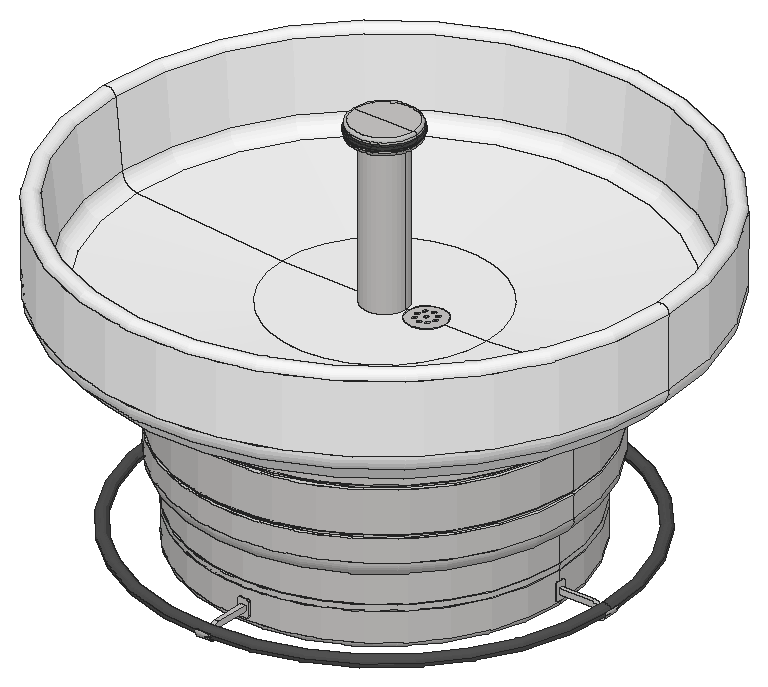
Revit family "Washfountain_Lavatory-Bradley_Corp-WF2608-Type_O_Drain", category Plumbing Fixtures, Revit 2012 (continued)
Lines and regions (in)
  symbolic lines, visible <- "Juvenile Height", detail levels fine
    curve 189: line (16.6643, 0, 7.24415) -> (-16.6643, 0, 7.24415)
    curve 190: line (16.6163, 0, 7.1805) -> (-16.6163, 0, 7.1805)
    curve 196: line (0, 16.66523, 7.74153) -> (0, -16.66523, 7.74153)
    curve 197: line (0, -16.61561, 7.8055) -> (0, 16.61699, 7.8055)
    curve 198: line (0, 16.66523, 7.24447) -> (0, -16.66523, 7.24447)
    curve 199: line (0, -16.61561, 7.1805) -> (0, 16.61699, 7.1805)
  symbolic lines, visible <- "Juvenile Height"
    curve 24: line (-16.6163, 0, 9.21405) -> (16.6163, 0, 9.21405)
    curve 52: line (0, 16.61699, 9.21405) -> (0, -16.61561, 9.21405)
  symbolic lines, visible <- "Standard Height", detail levels fine
    curve 25: line (-17.96214, 0, 14.62502) -> (17.96214, 0, 14.62502)
    curve 26: line (17.83714, 0, 14.50002) -> (-17.83714, 0, 14.50002)
    curve 27: line (-17.83714, 0, 14.37502) -> (17.83714, 0, 14.37502)
    curve 28: line (17.96214, 0, 14.25002) -> (-17.96214, 0, 14.25002)
    curve 30: line (-17.96214, 0, 10.43752) -> (17.96214, 0, 10.43752)
    curve 31: line (17.83714, 0, 10.31252) -> (-17.83714, 0, 10.31252)
    curve 32: line (-17.83714, 0, 10.18752) -> (17.83714, 0, 10.18752)
    curve 33: line (17.96214, 0, 10.06252) -> (-17.96214, 0, 10.06252)
    curve 36: line (-16.6163, 0, 3.8055) -> (16.6163, 0, 3.8055)
    curve 37: line (16.6643, 0, 3.74185) -> (-16.6643, 0, 3.74185)
    curve 39: line (-16.6163, 0, 3.1805) -> (16.6163, 0, 3.1805)
    curve 40: line (16.6643, 0, 3.24415) -> (-16.6643, 0, 3.24415)
    curve 53: line (0, 17.96307, 14.62502) -> (0, -17.96122, 14.62502)
    curve 54: line (0, -17.83622, 14.50002) -> (0, 17.83807, 14.50002)
    curve 55: line (0, 17.83807, 14.37502) -> (0, -17.83622, 14.37502)
    curve 56: line (0, -17.96122, 14.25002) -> (0, 17.96307, 14.25002)
    curve 57: line (0, 17.96307, 10.43752) -> (0, -17.96122, 10.43752)
    curve 58: line (0, -17.83622, 10.31252) -> (0, 17.83807, 10.31252)
    curve 59: line (0, 17.83807, 10.18752) -> (0, -17.83622, 10.18752)
    curve 60: line (0, -17.96122, 10.06252) -> (0, 17.96307, 10.06252)
    curve 62: line (0, 16.61723, 3.8055) -> (0, -16.61537, 3.8055)
    curve 63: line (0, 16.61723, 3.1805) -> (0, -16.61537, 3.1805)
    curve 64: line (0, -16.66337, 3.74185) -> (0, 16.66523, 3.74185)
    curve 66: line (0, -16.66337, 3.24415) -> (0, 16.66523, 3.24415)
  symbolic lines, visible <- "Standard Height", detail levels medium
    curve 29: line (-17.83714, 0, 14.43752) -> (17.83714, 0, 14.43752)
    curve 34: line (-17.83714, 0, 10.25002) -> (17.83714, 0, 10.25002)
    curve 38: line (-16.6643, 0, 3.493) -> (16.6643, 0, 3.493)
    curve 65: line (0, -16.66337, 3.493) -> (0, 16.66523, 3.493)
    curve 67: line (0, -17.83622, 10.25002) -> (0, 17.83807, 10.25002)
    curve 68: line (0, -17.83622, 14.43752) -> (0, 17.83807, 14.43752)
  symbolic lines, visible <- "Standard Height"
    curve 35: line (-16.6163, 0, 6.50796) -> (16.6163, 0, 6.50796)
    curve 61: line (0, 16.61723, 6.50796) -> (0, -16.61537, 6.50796)
  symbolic lines, detail levels coarse
    curve 41: line (0, 27, 20.75002) -> (0, -27, 20.75002)
  symbolic lines, visible <- "Soap Dispenser", detail levels medium+fine
    curve 69: line (-6.1566, 0, 43.125) -> (6.1566, 0, 43.125)
    curve 75: line (0, 6.1566, 43.125) -> (0, -6.1566, 43.125)
    curve 101: circle (0, 0, 44.125) r 4.17907 normal (0, 0, 1)
  symbolic lines, visible <- "Soap Dispenser", detail levels fine
    curve 70: line (-5.98301, 0, 42.48173) -> (5.98301, 0, 42.48173)
    curve 71: line (5.93039, 0, 41.23173) -> (-5.93039, 0, 41.23173)
    curve 72: line (-5.87777, 0, 39.98173) -> (5.87777, 0, 39.98173)
    curve 73: line (5.81, 0, 38.73173) -> (-5.81, 0, 38.73173)
    curve 74: line (-6.1566, 0, 43.75) -> (6.1566, 0, 43.75)
    curve 76: line (0, -5.98301, 42.48173) -> (0, 5.98301, 42.48173)
    curve 77: line (0, 5.93039, 41.23173) -> (0, -5.93039, 41.23173)
    curve 78: line (0, -5.87777, 39.98173) -> (0, 5.87777, 39.98173)
    curve 79: line (0, 5.81, 38.73173) -> (0, -5.81, 38.73173)
    curve 80: line (0, 6.1566, 43.75) -> (0, -6.1566, 43.75)
  symbolic lines, detail levels medium
    curve 81: line (-3.12875, 0, 35.18002) -> (-3.035, 0, 35.18002)
    curve 83: line (3.035, 0, 35.18002) -> (3.12875, 0, 35.18002)
    curve 84: line (3.12875, 0, 34.68002) -> (3.035, 0, 34.68002)
    curve 86: line (-3.035, 0, 34.68002) -> (-3.12875, 0, 34.68002)
    curve 88: line (0, 3.12875, 35.18002) -> (0, 3.035, 35.18002)
    curve 90: line (0, -3.035, 35.18002) -> (0, -3.12875, 35.18002)
    curve 91: line (0, -3.12875, 34.68002) -> (0, -3.035, 34.68002)
    curve 93: line (0, 3.035, 34.68002) -> (0, 3.12875, 34.68002)
  symbolic lines, detail levels medium+fine
    curve 82: line (-3.035, 0, 35.18002) -> (3.035, 0, 35.18002)
    curve 85: line (3.035, 0, 34.68002) -> (-3.035, 0, 34.68002)
    curve 89: line (0, 3.035, 35.18002) -> (0, -3.035, 35.18002)
    curve 92: line (0, -3.035, 34.68002) -> (0, 3.035, 34.68002)
    curve 103: circle (0, 0, 35.625) r 2 normal (0, 0, 1)
    curve 203: circle (4, 0, 29.25) r 1.25 normal (0, 0, 1)
    curve 204: circle (4, 0, 29.25) r 0.1842 normal (0, 0, 1)
    curve 205: circle (4, 0.87771, 29.25) r 0.1842 normal (0, 0, 1)
    curve 206: circle (4.62063, 0.62063, 29.25) r 0.1842 normal (0, 0, 1)
    curve 207: circle (4.87771, 0, 29.25) r 0.1842 normal (0, 0, 1)
    curve 208: circle (4.62063, -0.62063, 29.25) r 0.1842 normal (0, 0, 1)
    curve 209: circle (4, -0.87771, 29.25) r 0.1842 normal (0, 0, 1)
    curve 210: circle (3.37937, -0.62063, 29.25) r 0.1842 normal (0, 0, 1)
    curve 211: circle (3.12229, 0, 29.25) r 0.1842 normal (0, 0, 1)
    curve 212: circle (3.37937, 0.62063, 29.25) r 0.1842 normal (0, 0, 1)
    curve 214: circle (0, 0, 29.25) r 20.5 normal (0, 0, 1)
  symbolic lines
    curve 87: line (-2, 0, 34.23502) -> (2, 0, 34.23502)
    curve 94: line (0, 2, 34.23502) -> (0, -2, 34.23502)
    curve 202: circle (4, 0, 29.25) r 1.75 normal (0, 0, 1)
    curve 213: circle (0, 0, 29.25) r 25 normal (0, 0, 1)
  symbolic lines, visible <- "Sensor Module", detail levels fine
    curve 95: line (-4.49987, 0, 38.55959) -> (4.49987, 0, 38.55959)
    curve 98: line (0, 4.49987, 38.55959) -> (0, -4.49987, 38.55959)
  symbolic lines, visible <- "Sensor Module", detail levels medium
    curve 96: line (4.57537, 0, 37.11012) -> (-4.5755, 0, 37.11012)
    curve 99: line (0, -4.57537, 37.11012) -> (0, 4.57537, 37.11012)
  symbolic lines, visible <- "Sensor Module"
    curve 97: line (-2, 0, 36.28462) -> (2, 0, 36.28462)
    curve 100: line (0, 2, 36.285) -> (0, -2, 36.285)
  symbolic lines, visible <- "Sensor Module", detail levels medium+fine
    curve 102: circle (0, 0, 39.125) r 2.10282 normal (0, 0, 1)
  model lines, visible <- "Towel Dispenser", detail levels fine
    curve 107: spline (-9.02676, 1.1394, 53.87502) -> (-8.93305, 0.9771, 56.91615) -> (-8.65832, 0.50125, 59.75002) -> (-8.22128, -0.25572, 62.18353) -> (-7.65173, -1.24223, 64.05082) -> (-6.98846, -2.39103, 65.22465) -> (-6.2767, -3.62385, 65.62502) -> (-5.56493, -4.85667, 65.22465) -> (-4.90166, -6.00548, 64.05082) -> (-4.33211, -6.99198, 62.18353) -> (-3.89507, -7.74895, 59.75002) -> (-3.62034, -8.2248, 56.91615) -> (-3.52663, -8.3871, 53.87502)
    curve 108: spline (3.527, -8.3872, 53.87502) -> (3.6207, -8.22489, 56.91615) -> (3.89542, -7.74903, 59.75002) -> (4.33244, -6.99205, 62.18353) -> (4.90197, -6.00554, 64.05082) -> (5.56521, -4.85671, 65.22465) -> (6.27694, -3.62387, 65.62502) -> (6.98868, -2.39103, 65.22465) -> (7.65191, -1.24221, 64.05082) -> (8.22144, -0.2557, 62.18353) -> (8.65846, 0.50129, 59.75002) -> (8.93318, 0.97714, 56.91615) -> (9.02688, 1.13945, 53.87502)
    curve 154: spline (4.50547, -6.69233, 56.47659) -> (4.48576, -6.72648, 56.51066) -> (4.46739, -6.7583, 56.61056) -> (4.45161, -6.78563, 56.76948) -> (4.43951, -6.80659, 56.97659) -> (4.4319, -6.81977, 57.21777) -> (4.4293, -6.82427, 57.47659) -> (4.4319, -6.81977, 57.7354) -> (4.43951, -6.80659, 57.97659) -> (4.45161, -6.78563, 58.18369) -> (4.46739, -6.7583, 58.34261) -> (4.48576, -6.72648, 58.44251) -> (4.50547, -6.69233, 58.47659) -> (4.52519, -6.65819, 58.44251) -> (4.54356, -6.62637, 58.34261) -> (4.55933, -6.59904, 58.18369) -> (4.57144, -6.57807, 57.97659) -> (4.57905, -6.56489, 57.7354) -> (4.58164, -6.5604, 57.47659) -> (4.57905, -6.56489, 57.21777) -> (4.57144, -6.57807, 56.97659) -> (4.55933, -6.59904, 56.76948) -> (4.54356, -6.62637, 56.61056) -> (4.52519, -6.65819, 56.51066) -> (4.50547, -6.69233, 56.47659)
    curve 155: spline (3.54323, 7.20696, 56.47659) -> (3.58266, 7.20696, 56.51066) -> (3.6194, 7.20696, 56.61056) -> (3.65095, 7.20696, 56.76948) -> (3.67516, 7.20696, 56.97659) -> (3.69038, 7.20696, 57.21777) -> (3.69557, 7.20696, 57.47659) -> (3.69038, 7.20696, 57.7354) -> (3.67516, 7.20696, 57.97659) -> (3.65095, 7.20696, 58.18369) -> (3.6194, 7.20696, 58.34261) -> (3.58266, 7.20696, 58.44251) -> (3.54323, 7.20696, 58.47659) -> (3.5038, 7.20696, 58.44251) -> (3.46706, 7.20696, 58.34261) -> (3.4355, 7.20696, 58.18369) -> (3.41129, 7.20696, 57.97659) -> (3.39607, 7.20696, 57.7354) -> (3.39088, 7.20696, 57.47659) -> (3.39607, 7.20696, 57.21777) -> (3.41129, 7.20696, 56.97659) -> (3.4355, 7.20696, 56.76948) -> (3.46706, 7.20696, 56.61056) -> (3.5038, 7.20696, 56.51066) -> (3.54323, 7.20696, 56.47659)
    curve 156: spline (-8.04824, -0.55544, 56.47659) -> (-8.06796, -0.52129, 56.51066) -> (-8.08633, -0.48947, 56.61056) -> (-8.10211, -0.46215, 56.76948) -> (-8.11421, -0.44118, 56.97659) -> (-8.12182, -0.428, 57.21777) -> (-8.12442, -0.42351, 57.47659) -> (-8.12182, -0.428, 57.7354) -> (-8.11421, -0.44118, 57.97659) -> (-8.10211, -0.46215, 58.18369) -> (-8.08633, -0.48947, 58.34261) -> (-8.06796, -0.52129, 58.44251) -> (-8.04824, -0.55544, 58.47659) -> (-8.02853, -0.58959, 58.44251) -> (-8.01016, -0.62141, 58.34261) -> (-7.99438, -0.64873, 58.18369) -> (-7.98228, -0.6697, 57.97659) -> (-7.97467, -0.68288, 57.7354) -> (-7.97207, -0.68737, 57.47659) -> (-7.97467, -0.68288, 57.21777) -> (-7.98228, -0.6697, 56.97659) -> (-7.99438, -0.64873, 56.76948) -> (-8.01016, -0.62141, 56.61056) -> (-8.02853, -0.58959, 56.51066) -> (-8.04824, -0.55544, 56.47659)
    curve 157: spline (5.50026, 7.20696, 53.87502) -> (5.31285, 7.20696, 56.91615) -> (4.76338, 7.20696, 59.75002) -> (3.88931, 7.20696, 62.18353) -> (2.75019, 7.20696, 64.05082) -> (1.42367, 7.20696, 65.22465) -> (0.00013, 7.20696, 65.62502) -> (-1.42341, 7.20696, 65.22465) -> (-2.74994, 7.20696, 64.05082) -> (-3.88905, 7.20696, 62.18353) -> (-4.76312, 7.20696, 59.75002) -> (-5.31259, 7.20696, 56.91615) -> (-5.5, 7.20696, 53.87502)
  symbolic lines, visible <- "Towel Dispenser", detail levels fine
    curve 110: spline (-9.02676, -27, 53.87502) -> (-8.93305, -27, 56.91615) -> (-8.65832, -27, 59.75002) -> (-8.22128, -27, 62.18353) -> (-7.65173, -27, 64.05082) -> (-6.98846, -27, 65.22465) -> (-6.2767, -27, 65.62502) -> (-5.56493, -27, 65.22465) -> (-4.90166, -27, 64.05082) -> (-4.33211, -27, 62.18353) -> (-3.89507, -27, 59.75002) -> (-3.62034, -27, 56.91615) -> (-3.52663, -27, 53.87502)
    curve 111: spline (3.527, -27, 53.87502) -> (3.6207, -27, 56.91615) -> (3.89542, -27, 59.75002) -> (4.33244, -27, 62.18353) -> (4.90197, -27, 64.05082) -> (5.56521, -27, 65.22465) -> (6.27694, -27, 65.62502) -> (6.98868, -27, 65.22465) -> (7.65191, -27, 64.05082) -> (8.22144, -27, 62.18353) -> (8.65846, -27, 59.75002) -> (8.93318, -27, 56.91615) -> (9.02688, -27, 53.87502)
    curve 141: spline (5.50026, 27, 53.87502) -> (5.31285, 27, 56.91615) -> (4.76338, 27, 59.75002) -> (3.88931, 27, 62.18353) -> (2.75019, 27, 64.05082) -> (1.42367, 27, 65.22465) -> (0.00013, 27, 65.62502) -> (-1.42341, 27, 65.22465) -> (-2.74994, 27, 64.05082) -> (-3.88905, 27, 62.18353) -> (-4.76312, 27, 59.75002) -> (-5.31259, 27, 56.91615) -> (-5.5, 27, 53.87502)
    curve 149: spline (0, 1.1394, 53.87502) -> (0, 0.9771, 56.91615) -> (0, 0.50125, 59.75002) -> (0, -0.25572, 62.18353) -> (0, -1.24223, 64.05082) -> (0, -2.39103, 65.22465) -> (0, -3.62385, 65.62502) -> (0, -4.85667, 65.22465) -> (0, -6.00548, 64.05082) -> (0, -6.99198, 62.18353) -> (0, -7.74895, 59.75002) -> (0, -8.2248, 56.91615) -> (0, -8.3871, 53.87502)
    curve 158: spline (-8.04824, -27, 56.47659) -> (-8.06796, -27, 56.51066) -> (-8.08633, -27, 56.61056) -> (-8.10211, -27, 56.76948) -> (-8.11421, -27, 56.97659) -> (-8.12182, -27, 57.21777) -> (-8.12442, -27, 57.47659) -> (-8.12182, -27, 57.7354) -> (-8.11421, -27, 57.97659) -> (-8.10211, -27, 58.18369) -> (-8.08633, -27, 58.34261) -> (-8.06796, -27, 58.44251) -> (-8.04824, -27, 58.47659) -> (-8.02853, -27, 58.44251) -> (-8.01016, -27, 58.34261) -> (-7.99438, -27, 58.18369) -> (-7.98228, -27, 57.97659) -> (-7.97467, -27, 57.7354) -> (-7.97207, -27, 57.47659) -> (-7.97467, -27, 57.21777) -> (-7.98228, -27, 56.97659) -> (-7.99438, -27, 56.76948) -> (-8.01016, -27, 56.61056) -> (-8.02853, -27, 56.51066) -> (-8.04824, -27, 56.47659)
    curve 159: spline (4.50547, -27, 56.47659) -> (4.48576, -27, 56.51066) -> (4.46739, -27, 56.61056) -> (4.45161, -27, 56.76948) -> (4.43951, -27, 56.97659) -> (4.4319, -27, 57.21777) -> (4.4293, -27, 57.47659) -> (4.4319, -27, 57.7354) -> (4.43951, -27, 57.97659) -> (4.45161, -27, 58.18369) -> (4.46739, -27, 58.34261) -> (4.48576, -27, 58.44251) -> (4.50547, -27, 58.47659) -> (4.52519, -27, 58.44251) -> (4.54356, -27, 58.34261) -> (4.55933, -27, 58.18369) -> (4.57144, -27, 57.97659) -> (4.57905, -27, 57.7354) -> (4.58164, -27, 57.47659) -> (4.57905, -27, 57.21777) -> (4.57144, -27, 56.97659) -> (4.55933, -27, 56.76948) -> (4.54356, -27, 56.61056) -> (4.52519, -27, 56.51066) -> (4.50547, -27, 56.47659)
    curve 160: spline (3.54323, 27, 56.47659) -> (3.58266, 27, 56.51066) -> (3.6194, 27, 56.61056) -> (3.65095, 27, 56.76948) -> (3.67516, 27, 56.97659) -> (3.69038, 27, 57.21777) -> (3.69557, 27, 57.47659) -> (3.69038, 27, 57.7354) -> (3.67516, 27, 57.97659) -> (3.65095, 27, 58.18369) -> (3.6194, 27, 58.34261) -> (3.58266, 27, 58.44251) -> (3.54323, 27, 58.47659) -> (3.5038, 27, 58.44251) -> (3.46706, 27, 58.34261) -> (3.4355, 27, 58.18369) -> (3.41129, 27, 57.97659) -> (3.39607, 27, 57.7354) -> (3.39088, 27, 57.47659) -> (3.39607, 27, 57.21777) -> (3.41129, 27, 56.97659) -> (3.4355, 27, 56.76948) -> (3.46706, 27, 56.61056) -> (3.5038, 27, 56.51066) -> (3.54323, 27, 56.47659)
    curve 194: spline (0, -0.55544, 56.47659) -> (0, -0.52129, 56.51066) -> (0, -0.48947, 56.61056) -> (0, -0.46215, 56.76948) -> (0, -0.44118, 56.97659) -> (0, -0.428, 57.21777) -> (0, -0.42351, 57.47659) -> (0, -0.428, 57.7354) -> (0, -0.44118, 57.97659) -> (0, -0.46215, 58.18369) -> (0, -0.48947, 58.34261) -> (0, -0.52129, 58.44251) -> (0, -0.55544, 58.47659) -> (0, -0.58959, 58.44251) -> (0, -0.62141, 58.34261) -> (0, -0.64873, 58.18369) -> (0, -0.6697, 57.97659) -> (0, -0.68288, 57.7354) -> (0, -0.68737, 57.47659) -> (0, -0.68288, 57.21777) -> (0, -0.6697, 56.97659) -> (0, -0.64873, 56.76948) -> (0, -0.62141, 56.61056) -> (0, -0.58959, 56.51066) -> (0, -0.55544, 56.47659)
  symbolic lines, visible <- "Towel Dispenser"
    curve 112: line (-0.06253, -27, 67.813) -> (-3.52663, -27, 67.12567)
    curve 113: line (3.527, -27, 67.12567) -> (0.06285, -27, 67.813)
    curve 114: line (-9.02676, -27, 67.12567) -> (-3.52663, -27, 67.12567)
    curve 115: line (-3.52663, -27, 67.12567) -> (-3.52663, -27, 53.87502)
    curve 116: line (3.527, -27, 53.87502) -> (3.527, -27, 67.12567)
    curve 117: line (0.06285, -27, 67.813) -> (0.06285, -27, 52.5)
    curve 118: line (-0.06253, -27, 52.5) -> (-0.06253, -27, 67.813)
    curve 119: line (-3.52663, -27, 53.87502) -> (-1.57807, -27, 52.5)
    curve 120: line (1.57842, -27, 52.5) -> (3.527, -27, 53.87502)
    curve 121: line (-9.02676, -27, 53.87502) -> (-3.52663, -27, 53.87502)
    curve 122: line (3.527, -27, 53.87502) -> (9.02688, -27, 53.87502)
    curve 131: line (3.527, -27, 67.12567) -> (9.02688, -27, 67.12567)
    curve 133: line (-5.5, 27, 67.813) -> (-5.5, 27, 52.5)
    curve 134: line (5.50026, 27, 52.5) -> (5.50026, 27, 67.813)
    curve 135: line (5.50026, 27, 67.12567) -> (-5.5, 27, 67.12567)
    curve 136: line (5.50026, 27, 53.87502) -> (-5.5, 27, 53.87502)
    curve 142: line (0, 3.20696, 67.813) -> (0, 3.20696, 52.5)
    curve 143: line (0, 3.1394, 67.813) -> (0, 3.1394, 52.5)
    curve 144: line (0, 1.1394, 67.12567) -> (0, 3.1394, 67.813)
    curve 145: line (0, 1.1394, 53.87502) -> (0, 1.1394, 67.12567)
    curve 146: line (0, 1.1394, 67.12567) -> (0, -8.3871, 67.12567)
    curve 147: line (0, 2.2644, 52.5) -> (0, 1.1394, 53.87502)
    curve 148: line (0, 1.1394, 53.87502) -> (0, -8.3871, 53.87502)
    curve 192: line (-2, -27, 52.5) -> (2, -27, 52.5)
    curve 193: line (-2, -27, 67.813) -> (2, -27, 67.813)
    curve 195: line (0, 2, 67.813) -> (0, -2, 67.813)
    curve 218: line (-5.56259, 3.13929, 52.5) -> (-0.06259, -6.38699, 52.5)
    curve 219: line (0.06279, -6.3871, 52.5) -> (5.56279, 3.13918, 52.5)
    curve 220: line (5.50026, 3.20696, 52.5) -> (-5.5, 3.20696, 52.5)
    curve 221: line (-5.5, 3.20696, 52.5) -> (-5.56259, 3.13929, 52.5)
    curve 222: line (5.56279, 3.13918, 52.5) -> (5.50026, 3.20696, 52.5)
  symbolic lines, visible <- "Towel Dispenser", detail levels medium+fine
    curve 123: line (-3.85657, -27, 53.5786) -> (-7.8567, -27, 53.5786)
    curve 124: spline (-7.8567, -27, 53.5786) -> (-7.93487, -27, 53.56528) -> (-7.96995, -27, 53.52621) -> (-7.95954, -27, 53.46406) -> (-7.90435, -27, 53.38306) -> (-7.80815, -27, 53.28873) -> (-7.67748, -27, 53.18751) -> (-7.52126, -27, 53.08629) -> (-7.35013, -27, 52.99197) -> (-7.17575, -27, 52.91097) -> (-7.01001, -27, 52.84882) -> (-6.8642, -27, 52.80975) -> (-6.74826, -27, 52.79642)
    curve 125: line (-6.74826, -27, 52.79642) -> (-2.74813, -27, 52.79642)
    curve 126: spline (-2.74813, -27, 52.79642) -> (-2.66996, -27, 52.80975) -> (-2.63488, -27, 52.84882) -> (-2.64529, -27, 52.91097) -> (-2.70048, -27, 52.99197) -> (-2.79669, -27, 53.08629) -> (-2.92735, -27, 53.18751) -> (-3.08357, -27, 53.28873) -> (-3.2547, -27, 53.38306) -> (-3.42908, -27, 53.46406) -> (-3.59482, -27, 53.52621) -> (-3.74063, -27, 53.56528) -> (-3.85657, -27, 53.5786)
    curve 127: line (7.8569, -27, 53.57864) -> (3.85695, -27, 53.57864)
    curve 128: spline (3.85695, -27, 53.57864) -> (3.74101, -27, 53.56531) -> (3.59521, -27, 53.52624) -> (3.42947, -27, 53.46409) -> (3.25509, -27, 53.38309) -> (3.08396, -27, 53.28877) -> (2.92774, -27, 53.18755) -> (2.79707, -27, 53.08632) -> (2.70086, -27, 52.992) -> (2.64567, -27, 52.911) -> (2.63526, -27, 52.84885) -> (2.67033, -27, 52.80978) -> (2.7485, -27, 52.79645)
    curve 129: line (2.7485, -27, 52.79645) -> (6.74844, -27, 52.79645)
    curve 130: spline (6.74844, -27, 52.79645) -> (6.86438, -27, 52.80978) -> (7.01019, -27, 52.84885) -> (7.17593, -27, 52.911) -> (7.3503, -27, 52.992) -> (7.52143, -27, 53.08632) -> (7.67766, -27, 53.18755) -> (7.80832, -27, 53.28877) -> (7.90453, -27, 53.38309) -> (7.95972, -27, 53.46409) -> (7.97014, -27, 53.52624) -> (7.93507, -27, 53.56531) -> (7.8569, -27, 53.57864)
    curve 137: line (-4, 27, 53.5786) -> (4.00026, 27, 53.5786)
    curve 138: spline (4.00026, 27, 53.5786) -> (4.19437, 27, 53.56528) -> (4.37526, 27, 53.52621) -> (4.53059, 27, 53.46406) -> (4.64978, 27, 53.38306) -> (4.7247, 27, 53.28873) -> (4.75026, 27, 53.18751) -> (4.7247, 27, 53.08629) -> (4.64978, 27, 52.99197) -> (4.53059, 27, 52.91097) -> (4.37526, 27, 52.84882) -> (4.19437, 27, 52.80975) -> (4.00026, 27, 52.79642)
    curve 139: line (4.00026, 27, 52.79642) -> (-4, 27, 52.79642)
    curve 140: spline (-4, 27, 52.79642) -> (-4.19411, 27, 52.80975) -> (-4.375, 27, 52.84882) -> (-4.53033, 27, 52.91097) -> (-4.64952, 27, 52.99197) -> (-4.72444, 27, 53.08629) -> (-4.75, 27, 53.18751) -> (-4.72444, 27, 53.28873) -> (-4.64952, 27, 53.38306) -> (-4.53033, 27, 53.46406) -> (-4.375, 27, 53.52621) -> (-4.19411, 27, 53.56528) -> (-4, 27, 53.5786)
    curve 150: line (0, -6.84554, 53.5786) -> (0, 0.08288, 53.5786)
    curve 151: spline (0, 0.08288, 53.5786) -> (0, 0.26189, 53.56528) -> (0, 0.45051, 53.52621) -> (0, 0.63588, 53.46406) -> (0, 0.80537, 53.38306) -> (0, 0.94743, 53.28873) -> (0, 1.05238, 53.18751) -> (0, 1.11307, 53.08629) -> (0, 1.12535, 52.99197) -> (0, 1.0884, 52.91097) -> (0, 1.00473, 52.84882) -> (0, 0.88005, 52.80975) -> (0, 0.72284, 52.79642)
    curve 152: line (0, 0.72284, 52.79642) -> (0, -6.20559, 52.79642)
    curve 153: spline (0, -6.20559, 52.79642) -> (0, -6.3846, 52.80975) -> (0, -6.57321, 52.84882) -> (0, -6.75859, 52.91097) -> (0, -6.92808, 52.99197) -> (0, -7.07014, 53.08629) -> (0, -7.17508, 53.18751) -> (0, -7.23577, 53.28873) -> (0, -7.24806, 53.38306) -> (0, -7.2111, 53.46406) -> (0, -7.12744, 53.52621) -> (0, -7.00275, 53.56528) -> (0, -6.84554, 53.5786)
    curve 215: line (-7.0782, 2.2644, 52.5) -> (-1.57807, -7.2621, 52.5)
    curve 216: line (1.57842, -7.26225, 52.5) -> (7.07842, 2.26403, 52.5)
    curve 217: line (5.50026, 4.95696, 52.5) -> (-5.5, 4.95696, 52.5)
  model lines, not visible
    curve 161: circle (0, 0, 0) r 21 normal (0, 0, 1)
  sketch lines
    curve 162: circle (0, 0, 0) r 21 normal (0, 0, 1)
  symbolic lines, visible <- "Foot Control Valve", detail levels fine
    curve 163: line (-0.67, 0, 0.925) -> (-0.67, 0, 1.61691)
    curve 164: line (-0.67, 0, 1.61691) -> (0.67, 0, 1.61691)
    curve 165: line (0.67, 0, 1.61691) -> (0.67, 0, 0.925)
    curve 166: line (-0.46567, 0, 0.825) -> (0.46567, 0, 0.825)
    curve 167: line (-0.50501, 0, 1.925) -> (0.50501, 0, 1.925)
    curve 168: arc (-20.98857, 0, 0.925) -> (-21.39304, 0, 1.11581) -> (-21.48307, 0, 1.55388) r 0.5
    curve 169: arc (-20.99912, 0, 0.82487) -> (-20.82626, 0, 0.85057) -> (-20.66814, 0, 0.925) r 0.6
    curve 170: line (-20.30228, 0, 0.925) -> (-20.98857, 0, 0.925)
    curve 171: arc (21.48307, 0, 1.55388) -> (21.39304, 0, 1.11581) -> (20.98857, 0, 0.925) r 0.5
    curve 172: arc (20.66814, 0, 0.925) -> (20.82626, 0, 0.85057) -> (20.99912, 0, 0.82487) r 0.6
    curve 173: line (20.30228, 0, 0.925) -> (20.98857, 0, 0.925)
    curve 174: arc (0, 21.48307, 1.55401) -> (0, 20.6919, 1.03121) -> (0, 21.009, 1.92492) r 0.5
    curve 175: arc (0, 20.51154, 1.53179) -> (0, 20.47337, 1.59132) -> (0, 20.41385, 1.55315) r 0.05
    curve 176: arc (0, 20.41385, 1.55315) -> (0, 20.5328, 1.04853) -> (0, 21.00059, 0.825) r 0.6
    curve 177: line (0, 20.30377, 0.92644) -> (0, 20.66618, 0.92644)
    curve 178: arc (0, -21.00467, 1.92498) -> (0, -20.69361, 1.02988) -> (0, -21.48307, 1.55401) r 0.5
    curve 179: arc (0, -20.41385, 1.55315) -> (0, -20.47337, 1.59132) -> (0, -20.51154, 1.53179) r 0.05
    curve 180: arc (0, -20.98882, 0.8251) -> (0, -20.52913, 1.05313) -> (0, -20.41385, 1.55315) r 0.6
    curve 181: line (0, -20.30078, 0.92644) -> (0, -20.66618, 0.92644)
    curve 182: line (0, -0.67, 1.61678) -> (0, -0.67, 0.82487)
    curve 183: line (0, 0.67, 1.61678) -> (0, -0.67, 1.61678)
    curve 184: line (0, 0.67, 0.82487) -> (0, 0.67, 1.61678)
    curve 185: line (0, 0.50501, 1.92487) -> (0, -0.50501, 1.92487)
    curve 186: line (0, 0.46567, 0.82487) -> (0, -0.46567, 0.82487)
  model lines, detail levels medium+fine
    curve 201: circle (4, 0, 20.20024) r 1.25 normal (0, 0, 1)
    curve 223: circle (4, 0, 20.25) r 1.25 normal (0, 0, 1)
Dimensions and locks (in)
  equal spacing: plane 4 "Left", plane 3 "Center (Left/Right)", plane 5 "Right"
  "Width": plane 4 "Left" to plane 5 "Right"
  equal spacing: plane 7 "Back", plane 1 "Center (Front/Back)", plane 6 "Front"
  "Width": plane 7 "Back" to plane 6 "Front"
  "Towel Dispenser Height": plane 8 "Towel Dispenser" to plane 2
  "Soap Dispenser Height": plane 9 "Soap Dispenser" to plane 2
  "Sensor Module Height": plane 10 "Sensor Module" to plane 2
  "Spray Head Height": plane 11 "Spray Head" to plane 2
  "Rim Height": plane 12 "Rim Height" to plane 2
  "Pedestal Height": plane 13 "Pedestal Height" to plane 2
  locked: plane 11 "Spray Head" to Revolve 7 sketch curve at 1.38998
  locked: plane 9 "Soap Dispenser" to Revolve 9 sketch curve at 6
  locked: plane 9 "Soap Dispenser" to Masking region 13 sketch curve at 6
  locked: plane 9 "Soap Dispenser" to Masking region 14 sketch curve at 6
  locked: plane 10 "Sensor Module" to Revolve 11 sketch curve at 2.84038
  locked: plane 10 "Sensor Module" to Revolve 12 sketch curve at 2.84
  locked: plane 10 "Sensor Module" to Masking region 21 sketch curve at 2.84038
  locked: plane 10 "Sensor Module" to Masking region 21 sketch curve at 2.84
  locked: plane 10 "Sensor Module" to Masking region 22 sketch curve at 2.84038  (x2)
  locked: plane 10 "Sensor Module" to Masking region 23 sketch curve at 2.84038
  locked: plane 10 "Sensor Module" to Masking region 23 sketch curve at 2.84
  locked: plane 10 "Sensor Module" to Masking region 24 sketch curve at 2.84038  (x2)
  locked: Extrusion 13 sketch curve to curve 106 at 4
  locked: curve 106 to Extrusion 13 sketch curve at 15.16279
  locked: curve 106 to Extrusion 13 sketch curve at 15.313
  locked: Extrusion 14 sketch curve to curve 104 at 4
  locked: curve 104 to Extrusion 14 sketch curve at 15.313
  locked: curve 104 to Extrusion 14 sketch curve at 15.16279
  locked: Extrusion 15 sketch curve to curve 105 at 15.313
  locked: Extrusion 15 sketch curve to curve 105 at 14.62567
  locked: Extrusion 16 to Extrusion 14 at 1
  locked: plane 9 "Soap Dispenser" to plane 14 at 6
  "Soap Dispenser Holder": plane 14 to Masking region 32
  "Soap Dispenser Holder": Masking region 33 to plane 14
  "Soap Dispenser Holder": plane 14 to Extrusion 17
  "Towel Dispenser Holder": plane 8 "Towel Dispenser" to Extrusion 16
  "Towel Dispenser Holder": plane 8 "Towel Dispenser" to Masking region 30 sketch curve
  "Towel Dispenser Holder": plane 8 "Towel Dispenser" to Masking region 38
  locked: Extrusion 31 to plane 2 at 3
  "Supply Height": Extrusion 32 to plane 2
  locked: plane 9 "Soap Dispenser" to Revolve 10 sketch curve at 1
  locked: plane 9 "Soap Dispenser" to Revolve 33 sketch curve at 1
  locked: plane 10 "Sensor Module" to Extrusion 34 sketch curve at 1.3649
  locked: plane 10 "Sensor Module" to Extrusion 36 sketch curve at 1.3649
  locked: plane 10 "Sensor Module" to Extrusion 35 sketch curve at 1.3649
  locked: plane 10 "Sensor Module" to Extrusion 37 sketch curve at 1.3649
  Extrusion 32 sketch curve to plane 3 "Center (Left/Right)" to Extrusion 32 sketch curve = 0.875" locked, 0.875" locked
  locked: plane 1 "Center (Front/Back)" to Extrusion 32 sketch curve at 1.25  (x2)
  locked: plane 3 "Center (Left/Right)" to Extrusion 31 sketch curve at 4
  "Drain Radius": radius of Extrusion 31 sketch curve
  "Hot Lavatory Inlet Radius": radius of Extrusion 32 sketch curve
  "Cold Lavatory Inlet Radius": radius of Extrusion 32 sketch curve
  aligned and locked: Revolve 1 sketch curve to plane 3 "Center (Left/Right)"
  aligned and locked: Revolve 2 sketch curve to plane 4 "Left"
  aligned and locked: Revolve 2 sketch curve to plane 13 "Pedestal Height"
  aligned and locked: plane 3 "Center (Left/Right)" to Revolve 2 sketch curve
  aligned and locked: Revolve 2 sketch curve to plane 3 "Center (Left/Right)"
  aligned and locked: Revolve 3 sketch curve to plane 3 "Center (Left/Right)"  (x2)
  aligned and locked: Revolve 4 sketch curve to plane 3 "Center (Left/Right)"
  aligned and locked: Revolve 5 sketch curve to plane 3 "Center (Left/Right)"
  aligned and locked: Revolve 6 sketch curve to plane 3 "Center (Left/Right)"
  aligned and locked: Revolve 7 sketch curve to plane 3 "Center (Left/Right)"
  aligned and locked: Revolve 8 sketch curve to plane 3 "Center (Left/Right)"
  aligned and locked: Revolve 9 sketch curve to plane 3 "Center (Left/Right)"
  aligned and locked: Revolve 10 sketch curve to plane 3 "Center (Left/Right)"
  aligned and locked: plane 12 "Rim Height" to Masking region 17 sketch curve
  aligned and locked: Masking region 18 sketch curve to plane 12 "Rim Height"
  aligned and locked: Masking region 19 sketch curve to plane 12 "Rim Height"
  aligned and locked: plane 12 "Rim Height" to Masking region 20 sketch curve
  aligned and locked: Revolve 11 sketch curve to plane 3 "Center (Left/Right)"
  aligned and locked: Revolve 12 sketch curve to plane 3 "Center (Left/Right)"
  aligned and locked: Revolve 11 sketch curve to plane 11 "Spray Head"
  aligned and locked: Revolve 12 sketch curve to plane 11 "Spray Head"
  aligned and locked: plane 11 "Spray Head" to Masking region 21 sketch curve
  aligned and locked: Masking region 22 sketch curve to plane 11 "Spray Head"
  aligned and locked: plane 11 "Spray Head" to Masking region 23 sketch curve
  aligned and locked: Masking region 24 sketch curve to plane 11 "Spray Head"
  aligned and locked: plane 14 to Masking region 32 sketch curve
  aligned and locked: plane 14 to Masking region 33 sketch curve
  aligned and locked: Extrusion 17 to plane 14
  aligned and locked: Masking region 38 sketch curve to plane 8 "Towel Dispenser"
  aligned and locked: plane 12 "Rim Height" to Extrusion 29
  aligned and locked: Extrusion 29 to plane 13 "Pedestal Height"
  aligned and locked: plane 3 "Center (Left/Right)" to Masking region 25 sketch curve
  aligned and locked: plane 1 "Center (Front/Back)" to Masking region 25 sketch curve
  aligned and locked: plane 1 "Center (Front/Back)" to Extrusion 31 sketch curve
  aligned and locked: Extrusion 31 to plane 2
  aligned and locked: Revolve 8 to plane 13 "Pedestal Height"
  aligned and locked: Revolve 7 to plane 13 "Pedestal Height"
  aligned and locked: Extrusion 32 to plane 2
  aligned and locked: plane 14 to Revolve 10 sketch curve
  aligned and locked: Revolve 33 sketch curve to plane 3 "Center (Left/Right)"
  aligned and locked: Revolve 33 sketch curve to plane 9 "Soap Dispenser"
  aligned and locked: plane 3 "Center (Left/Right)" to Extrusion 34 sketch curve
  aligned and locked: plane 3 "Center (Left/Right)" to Extrusion 36 sketch curve
  aligned and locked: plane 3 "Center (Left/Right)" to Extrusion 35 sketch curve
  aligned and locked: plane 3 "Center (Left/Right)" to Extrusion 37 sketch curve
  aligned and locked: Masking region 23 to Extrusion 35
  aligned and locked: Extrusion 34 to Masking region 23
  aligned and locked: Masking region 23 to Extrusion 37
  aligned and locked: Extrusion 37 to Masking region 24
  aligned and locked: Extrusion 36 to Masking region 24
  aligned and locked: Masking region 23 to Extrusion 36
  aligned and locked: Masking region 39 sketch curve to Extrusion 35
  aligned and locked: Masking region 39 sketch curve to curve 99  (x2)
  aligned and locked: Masking region 39 sketch curve to Extrusion 34
  aligned and locked: Extrusion 37 to Masking region 40 sketch curve
  aligned and locked: Masking region 40 sketch curve to Extrusion 37
  aligned and locked: Extrusion 36 to Masking region 40 sketch curve
  aligned and locked: Masking region 40 sketch curve to Extrusion 36
  aligned and locked: Masking region 2 sketch curve to plane 13 "Pedestal Height"
  aligned and locked: Masking region 8 sketch curve to plane 13 "Pedestal Height"
  aligned and locked: Masking region 7 sketch curve to plane 13 "Pedestal Height"
  aligned and locked: cut or joined group of Revolve 2, Extrusion 29 to Extrusion 30
Automatic sketch dimensions
  curve 1 to plane 1 "Center (Front/Back)" = 0.000"
  curve 2 to plane 3 "Center (Left/Right)" = 0.000"
  plane 3 "Center (Left/Right)" to curve 1 = 3.000"
  curve 1 to plane 3 "Center (Left/Right)" = 3.000"
  curve 2 to plane 1 "Center (Front/Back)" = 3.000"
  plane 1 "Center (Front/Back)" to curve 2 = 3.000"
  curve 3 to plane 1 "Center (Front/Back)" = 0.000"
  curve 4 to plane 3 "Center (Left/Right)" = 0.000"
  plane 3 "Center (Left/Right)" to curve 3 = 3.000"
  curve 3 to plane 3 "Center (Left/Right)" = 3.000"
  curve 4 to plane 1 "Center (Front/Back)" = 3.000"
  plane 1 "Center (Front/Back)" to curve 4 = 3.000"
  curve 5 to plane 1 "Center (Front/Back)" = 0.000"
  curve 6 to plane 3 "Center (Left/Right)" = 0.000"
  plane 3 "Center (Left/Right)" to curve 5 = 3.000"
  curve 5 to plane 3 "Center (Left/Right)" = 3.000"
  curve 6 to plane 1 "Center (Front/Back)" = 3.000"
  plane 1 "Center (Front/Back)" to curve 6 = 3.000"
  curve 7 to plane 1 "Center (Front/Back)" = 0.000"
  curve 8 to plane 3 "Center (Left/Right)" = 0.000"
  plane 3 "Center (Left/Right)" to curve 7 = 3.000"
  curve 7 to plane 3 "Center (Left/Right)" = 3.000"
  curve 8 to plane 1 "Center (Front/Back)" = 3.000"
  plane 1 "Center (Front/Back)" to curve 8 = 3.000"
  curve 12 to plane 1 "Center (Front/Back)" = 0.000"
  curve 11 to plane 3 "Center (Left/Right)" = 0.000"
  plane 3 "Center (Left/Right)" to curve 12 = 3.000"
  curve 12 to plane 3 "Center (Left/Right)" = 3.000"
  curve 11 to plane 1 "Center (Front/Back)" = 3.000"
  plane 1 "Center (Front/Back)" to curve 11 = 3.000"
  Revolve 3 sketch curve to curve 12 = 13.1163"
  Revolve 3 sketch curve to Revolve 3 sketch curve = 0.34584"
  Revolve 3 sketch curve to Revolve 3 sketch curve = 0.15416"
  Revolve 3 sketch curve to Revolve 3 sketch curve = 0.500"
  Revolve 3 sketch curve to Revolve 3 sketch curve = 0.048"
  curve 12 to Revolve 3 sketch curve = 4.49998"
  Revolve 3 sketch curve to Revolve 3 sketch curve = 1.375"  (x2)
  Revolve 3 sketch curve to Revolve 3 sketch curve = 0.125"  (x9)
  Revolve 3 sketch curve to curve 12 = 0.00002"
  Revolve 3 sketch curve to Revolve 3 sketch curve = 3.8125"
  Revolve 3 sketch curve to Revolve 3 sketch curve = 2.0625"
  Revolve 3 sketch curve to Revolve 3 sketch curve = 2.70246"
  Revolve 3 sketch curve to Revolve 3 sketch curve = 0.06365"  (x2)
  Revolve 3 sketch curve to Revolve 3 sketch curve = 0.4977"
  Revolve 3 sketch curve to Revolve 3 sketch curve = 2.6805"
  Revolve 3 sketch curve to curve 12 = 24.99998"
  curve 12 to Revolve 3 sketch curve = 6.00002"
  Revolve 4 sketch curve to curve 12 = 0.000"
  curve 12 to Revolve 4 sketch curve = 3.000"
  Revolve 4 sketch curve to curve 12 = 13.6163"
  Revolve 4 sketch curve to Revolve 4 sketch curve = 1.34584"
  curve 12 to Revolve 4 sketch curve = 12.49204"
  Revolve 4 sketch curve to Revolve 4 sketch curve = 6.50796"
  Revolve 4 sketch curve to curve 12 = 24.70153"
  curve 12 to Revolve 4 sketch curve = 5.29847"
  Revolve 6 sketch curve to Revolve 6 sketch curve = 0.000"
  Revolve 6 sketch curve to curve 12 = 13.6163"
  Revolve 6 sketch curve to curve 12 = 0.00002"
  Revolve 6 sketch curve to Revolve 6 sketch curve = 1.34584"
  curve 12 to Revolve 6 sketch curve = 9.78595"
  Revolve 6 sketch curve to curve 12 = 15.000"
  Revolve 6 sketch curve to Revolve 6 sketch curve = 2.02198"
  curve 12 to Revolve 6 sketch curve = 5.97802"
  Revolve 9 sketch curve to curve 7 = 0.000"
  Revolve 9 sketch curve to Revolve 9 sketch curve = 0.000"
  Revolve 9 sketch curve to curve 7 = 0.84002"
  Revolve 9 sketch curve to curve 7 = 1.17907"
  Revolve 9 sketch curve to Revolve 9 sketch curve = 1.96998"
  Revolve 9 sketch curve to Revolve 9 sketch curve = 0.06777"
  Revolve 9 sketch curve to Revolve 9 sketch curve = 0.05262"  (x2)
  Revolve 9 sketch curve to Revolve 9 sketch curve = 0.03075"
  curve 7 to Revolve 9 sketch curve = 0.375"
  Revolve 9 sketch curve to Revolve 9 sketch curve = 0.14284"
  Revolve 9 sketch curve to curve 7 = 10.32479"
  Revolve 9 sketch curve to Revolve 9 sketch curve = 0.60673"
  Revolve 9 sketch curve to Revolve 9 sketch curve = 1.250"  (x3)
  Revolve 9 sketch curve to Revolve 9 sketch curve = 0.625"
  Revolve 9 sketch curve to curve 7 = 2.42521"
  Revolve 10 sketch curve to Revolve 10 sketch curve = 0.000"
  Revolve 10 sketch curve to curve 7 = 2.810"
  Revolve 10 sketch curve to curve 7 = 3.1566"
  Revolve 10 sketch curve to Revolve 10 sketch curve = 1.2391"
  Revolve 10 sketch curve to curve 7 = 1.2609"
  Masking region 3 sketch curve to curve 12 = 0.000"
  Masking region 3 sketch curve to curve 12 = 14.96214"
  Masking region 3 sketch curve to Masking region 3 sketch curve = 1.34584"  (x2)
  curve 12 to Masking region 3 sketch curve = 13.6163"
  Masking region 3 sketch curve to Masking region 3 sketch curve = 12.49204"  (x2)
  Masking region 3 sketch curve to Masking region 3 sketch curve = 6.50796"
  Masking region 4 sketch curve to curve 12 = 0.00002"
  Masking region 4 sketch curve to curve 12 = 14.96214"
  Masking region 4 sketch curve to Masking region 4 sketch curve = 0.000"  (x3)
  curve 12 to Masking region 4 sketch curve = 4.74998"
  Masking region 4 sketch curve to Masking region 4 sketch curve = 0.125"  (x14)
  curve 12 to Masking region 4 sketch curve = 4.62498"  (x2)
  Masking region 4 sketch curve to Masking region 4 sketch curve = 1.29784"
  Masking region 4 sketch curve to Masking region 4 sketch curve = 0.048"  (x3)
  Masking region 4 sketch curve to Masking region 4 sketch curve = 0.15416"  (x2)
  Masking region 4 sketch curve to Masking region 4 sketch curve = 0.500"  (x2)
  curve 12 to Masking region 4 sketch curve = 13.1163"
  Masking region 4 sketch curve to Masking region 4 sketch curve = 0.34584"
  Masking region 4 sketch curve to Masking region 4 sketch curve = 1.375"
  Masking region 4 sketch curve to Masking region 4 sketch curve = 1.500"
  curve 12 to Masking region 4 sketch curve = 4.37498"
  Masking region 4 sketch curve to Masking region 4 sketch curve = 3.8125"  (x2)
  Masking region 4 sketch curve to Masking region 4 sketch curve = 2.0625"  (x2)
  Masking region 4 sketch curve to Masking region 4 sketch curve = 2.70246"  (x2)
  Masking region 4 sketch curve to Masking region 4 sketch curve = 0.06365"  (x4)
  Masking region 4 sketch curve to Masking region 4 sketch curve = 0.4977"  (x2)
  Masking region 4 sketch curve to Masking region 4 sketch curve = 2.6805"
  Masking region 5 sketch curve to curve 12 = 0.000"
  Masking region 5 sketch curve to curve 12 = 14.96214"
  Masking region 5 sketch curve to Masking region 5 sketch curve = 1.34584"  (x2)
  curve 12 to Masking region 5 sketch curve = 13.6163"
  curve 12 to Masking region 5 sketch curve = 9.78595"  (x2)
  Masking region 5 sketch curve to Masking region 5 sketch curve = 5.21405"
  curve 2 to curve 41 = 8.49998"
  curve 41 to curve 2 = 24.000"
  curve 2 to curve 41 = 24.000"
  Masking region 10 sketch curve to curve 11 = 0.00002"
  Masking region 10 sketch curve to curve 11 = 14.96307"
  Masking region 10 sketch curve to Masking region 10 sketch curve = 0.000"  (x3)
  curve 11 to Masking region 10 sketch curve = 4.74998"
  Masking region 10 sketch curve to Masking region 10 sketch curve = 0.125"  (x14)
  curve 11 to Masking region 10 sketch curve = 4.62498"  (x2)
  Masking region 10 sketch curve to Masking region 10 sketch curve = 1.29784"
  Masking region 10 sketch curve to Masking region 10 sketch curve = 0.048"  (x3)
  Masking region 10 sketch curve to Masking region 10 sketch curve = 1.500"  (x2)
  Masking region 10 sketch curve to Masking region 10 sketch curve = 0.500"  (x2)
  curve 11 to Masking region 10 sketch curve = 13.11537"
  Masking region 10 sketch curve to Masking region 10 sketch curve = 0.34584"
  Masking region 10 sketch curve to Masking region 10 sketch curve = 0.15416"
  Masking region 10 sketch curve to Masking region 10 sketch curve = 1.375"
  curve 11 to Masking region 10 sketch curve = 4.37498"
  Masking region 10 sketch curve to Masking region 10 sketch curve = 3.8125"  (x2)
  Masking region 10 sketch curve to Masking region 10 sketch curve = 2.0625"  (x2)
  Masking region 10 sketch curve to Masking region 10 sketch curve = 2.70246"  (x2)
  Masking region 10 sketch curve to Masking region 10 sketch curve = 0.06365"  (x4)
  Masking region 10 sketch curve to Masking region 10 sketch curve = 0.4977"  (x2)
  Masking region 10 sketch curve to Masking region 10 sketch curve = 2.6805"
  curve 3 to Revolve 7 sketch curve = 3.000"
  curve 3 to Revolve 7 sketch curve = 1.000"
  curve 3 to Revolve 7 sketch curve = 0.215"  (x2)
  Revolve 7 sketch curve to curve 3 = 0.00002"
  Revolve 7 sketch curve to curve 3 = 0.035"  (x2)
  Revolve 7 sketch curve to Revolve 7 sketch curve = 0.09375"
  Revolve 7 sketch curve to curve 3 = 6.7545"
  Revolve 7 sketch curve to curve 3 = 16.625"
  Revolve 7 sketch curve to curve 3 = 0.94498"
  Revolve 7 sketch curve to curve 3 = 0.53873"
  Revolve 7 sketch curve to Revolve 7 sketch curve = 1.24548"
  Revolve 8 sketch curve to curve 3 = 0.000"
  curve 3 to Revolve 8 sketch curve = 1.000"
  curve 3 to Revolve 8 sketch curve = 0.215"
  curve 3 to Revolve 8 sketch curve = 0.21498"
  Revolve 8 sketch curve to curve 3 = 0.12875"
  Revolve 8 sketch curve to Revolve 8 sketch curve = 2.000"
  Revolve 8 sketch curve to curve 3 = 0.44498"
  Revolve 8 sketch curve to curve 3 = 0.94498"
  Revolve 8 sketch curve to curve 3 = 1.38998"
  curve 3 to Revolve 8 sketch curve = 1.38998"
  Revolve 8 sketch curve to curve 3 = 16.625"
  Revolve 8 sketch curve to Revolve 8 sketch curve = 0.44599"
  Masking region 13 sketch curve to curve 7 = 0.000"
  Masking region 13 sketch curve to curve 7 = 3.22592"
  Masking region 13 sketch curve to curve 7 = 2.810"
  curve 7 to Masking region 13 sketch curve = 2.810"
  curve 7 to Masking region 13 sketch curve = 3.22592"
  Masking region 14 sketch curve to curve 7 = 0.000"
  curve 7 to Masking region 14 sketch curve = 1.000"
  Masking region 14 sketch curve to curve 7 = 3.1566"
  Masking region 14 sketch curve to Masking region 14 sketch curve = 0.14284"  (x2)
  Masking region 14 sketch curve to Masking region 14 sketch curve = 0.03075"  (x2)
  Masking region 14 sketch curve to Masking region 14 sketch curve = 0.05262"  (x4)
  Masking region 14 sketch curve to Masking region 14 sketch curve = 0.06777"  (x2)
  Masking region 14 sketch curve to curve 7 = 1.17907"
  Masking region 14 sketch curve to curve 7 = 0.84002"
  curve 7 to Masking region 14 sketch curve = 0.84002"
  curve 7 to Masking region 14 sketch curve = 1.17907"
  Masking region 14 sketch curve to Masking region 14 sketch curve = 1.96998"
  curve 7 to Masking region 14 sketch curve = 0.375"
  Masking region 14 sketch curve to curve 7 = 7.18965"
  Masking region 14 sketch curve to Masking region 14 sketch curve = 0.60673"  (x2)
  Masking region 14 sketch curve to Masking region 14 sketch curve = 1.250"  (x5)
  Masking region 14 sketch curve to Masking region 14 sketch curve = 0.64327"
  Masking region 14 sketch curve to Masking region 14 sketch curve = 0.625"
  Masking region 15 sketch curve to curve 8 = 0.000"
  Masking region 15 sketch curve to curve 8 = 3.22592"
  Masking region 15 sketch curve to curve 8 = 2.810"
  curve 8 to Masking region 15 sketch curve = 2.810"
  curve 8 to Masking region 15 sketch curve = 3.22592"
  Masking region 15 sketch curve to curve 8 = 6.000"
  Masking region 16 sketch curve to curve 8 = 0.000"
  curve 8 to Masking region 16 sketch curve = 1.000"
  Masking region 16 sketch curve to curve 8 = 3.1566"
  Masking region 16 sketch curve to Masking region 16 sketch curve = 0.14284"  (x2)
  Masking region 16 sketch curve to Masking region 16 sketch curve = 0.03075"  (x2)
  Masking region 16 sketch curve to Masking region 16 sketch curve = 0.05262"  (x4)
  Masking region 16 sketch curve to Masking region 16 sketch curve = 0.06777"  (x2)
  Masking region 16 sketch curve to curve 8 = 1.17907"
  Masking region 16 sketch curve to curve 8 = 0.84002"
  curve 8 to Masking region 16 sketch curve = 0.84002"
  curve 8 to Masking region 16 sketch curve = 1.17907"
  Masking region 16 sketch curve to Masking region 16 sketch curve = 1.96998"
  curve 8 to Masking region 16 sketch curve = 0.375"
  Masking region 16 sketch curve to curve 8 = 7.18965"
  Masking region 16 sketch curve to Masking region 16 sketch curve = 1.18965"
  Masking region 16 sketch curve to Masking region 16 sketch curve = 0.60673"  (x2)
  Masking region 16 sketch curve to Masking region 16 sketch curve = 1.250"  (x5)
  Masking region 16 sketch curve to Masking region 16 sketch curve = 0.64327"
  Masking region 16 sketch curve to Masking region 16 sketch curve = 0.625"
  curve 8 to curve 80 = 0.375"
  curve 80 to curve 8 = 3.1566"
  curve 75 to curve 80 = 0.000"  (x2)
  curve 75 to curve 76 = 0.17359"
  curve 76 to curve 77 = 0.05262"
  curve 77 to curve 78 = 0.05262"
  curve 78 to curve 79 = 0.06777"
  curve 8 to curve 79 = 2.810"
  curve 79 to curve 78 = 0.06777"
  curve 78 to curve 77 = 0.05262"
  curve 77 to curve 76 = 0.05262"
  curve 76 to curve 80 = 0.17359"
  curve 75 to curve 80 = 0.625"
  curve 76 to curve 75 = 0.64327"
  curve 77 to curve 76 = 1.250"
  curve 78 to curve 77 = 1.250"
  curve 79 to curve 78 = 1.250"
  Masking region 18 sketch curve to curve 3 = 0.12875"
  Masking region 18 sketch curve to curve 3 = 0.035"  (x2)
  Masking region 18 sketch curve to curve 3 = 0.00002"
  curve 3 to Masking region 18 sketch curve = 0.215"  (x2)
  Masking region 18 sketch curve to Masking region 18 sketch curve = 0.785"
  Masking region 18 sketch curve to curve 3 = 1.000"
  Masking region 18 sketch curve to curve 3 = 0.215"  (x2)
  curve 3 to Masking region 18 sketch curve = 0.035"  (x2)
  Masking region 18 sketch curve to Masking region 18 sketch curve = 0.09375"
  Masking region 18 sketch curve to curve 3 = 1.38998"  (x2)
  Masking region 18 sketch curve to curve 3 = 0.94498"  (x2)
  Masking region 18 sketch curve to curve 3 = 0.53873"  (x2)
  Masking region 17 sketch curve to curve 3 = 0.000"
  Masking region 17 sketch curve to curve 3 = 0.12875"
  curve 3 to Masking region 17 sketch curve = 0.21498"
  curve 3 to Masking region 17 sketch curve = 0.215"
  Masking region 17 sketch curve to Masking region 17 sketch curve = 0.785"
  Masking region 17 sketch curve to curve 3 = 1.000"
  Masking region 17 sketch curve to curve 3 = 0.215"
  Masking region 17 sketch curve to curve 3 = 0.21498"
  curve 3 to Masking region 17 sketch curve = 0.12875"
  Masking region 17 sketch curve to curve 3 = 1.38998"  (x2)
  Masking region 17 sketch curve to curve 3 = 0.94498"  (x2)
  Masking region 17 sketch curve to curve 3 = 0.44498"  (x2)
  curve 7 to curve 74 = 0.375"
  curve 74 to curve 7 = 3.1566"
  curve 69 to curve 74 = 0.000"  (x2)
  curve 69 to curve 70 = 0.17359"
  curve 70 to curve 71 = 0.05262"
  curve 71 to curve 72 = 0.05262"
  curve 72 to curve 73 = 0.06777"
  curve 7 to curve 73 = 2.810"
  curve 73 to curve 72 = 0.06777"
  curve 72 to curve 71 = 0.05262"
  curve 71 to curve 70 = 0.05262"
  curve 70 to curve 74 = 0.17359"
  curve 69 to curve 74 = 0.625"
  curve 70 to curve 69 = 0.64327"
  curve 71 to curve 70 = 1.250"
  curve 72 to curve 71 = 1.250"
  curve 73 to curve 72 = 1.250"
  curve 86 to curve 3 = 0.12875"
  curve 81 to curve 3 = 0.12875"
  curve 85 to curve 3 = 0.035"
  curve 82 to curve 3 = 0.035"
  curve 3 to curve 87 = 1.000"
  curve 87 to curve 3 = 1.000"
  curve 3 to curve 84 = 0.035"
  curve 3 to curve 82 = 0.035"
  curve 82 to curve 83 = 0.09375"
  curve 84 to curve 84 = 0.09375"
  curve 87 to curve 3 = 1.38998"
  curve 86 to curve 3 = 0.94498"
  curve 83 to curve 3 = 0.44498"
  Masking region 19 sketch curve to curve 4 = 0.000"
  Masking region 19 sketch curve to curve 4 = 0.12875"
  curve 4 to Masking region 19 sketch curve = 0.21498"
  curve 4 to Masking region 19 sketch curve = 0.215"
  Masking region 19 sketch curve to Masking region 19 sketch curve = 0.785"
  Masking region 19 sketch curve to curve 4 = 1.000"
  Masking region 19 sketch curve to curve 4 = 0.215"
  Masking region 19 sketch curve to curve 4 = 0.21498"
  curve 4 to Masking region 19 sketch curve = 0.12875"
  Masking region 19 sketch curve to curve 4 = 1.38998"  (x2)
  Masking region 19 sketch curve to curve 4 = 0.94498"  (x2)
  Masking region 19 sketch curve to curve 4 = 0.44498"  (x2)
  Masking region 20 sketch curve to curve 4 = 0.12875"
  Masking region 20 sketch curve to curve 4 = 0.035"  (x2)
  curve 4 to Masking region 20 sketch curve = 0.215"  (x2)
  Masking region 20 sketch curve to curve 4 = 0.00002"
  curve 4 to Masking region 20 sketch curve = 1.000"
  Masking region 20 sketch curve to curve 4 = 1.000"
  Masking region 20 sketch curve to curve 4 = 0.215"  (x2)
  curve 4 to Masking region 20 sketch curve = 0.035"  (x2)
  Masking region 20 sketch curve to Masking region 20 sketch curve = 0.09375"
  Masking region 20 sketch curve to curve 4 = 1.38998"  (x2)
  Masking region 20 sketch curve to curve 4 = 0.94498"  (x2)
  Masking region 20 sketch curve to curve 4 = 0.53873"  (x2)
  curve 93 to curve 4 = 0.12875"
  curve 88 to curve 4 = 0.12875"
  curve 92 to curve 4 = 0.035"
  curve 89 to curve 4 = 0.035"
  curve 4 to curve 94 = 1.000"
  curve 94 to curve 4 = 1.000"
  curve 4 to curve 91 = 0.035"
  curve 4 to curve 89 = 0.035"
  curve 89 to curve 90 = 0.09375"
  curve 91 to curve 91 = 0.09375"
  curve 94 to curve 4 = 1.38998"
  curve 93 to curve 4 = 0.94498"
  curve 90 to curve 4 = 0.44498"
  Revolve 11 sketch curve to curve 5 = 0.000"
  curve 5 to Revolve 11 sketch curve = 1.000"
  curve 5 to Revolve 11 sketch curve = 0.89718"
  Revolve 11 sketch curve to curve 5 = 0.64632"
  Revolve 11 sketch curve to Revolve 11 sketch curve = 0.17678"
  Revolve 11 sketch curve to Revolve 11 sketch curve = 0.000"  (x5)
  Revolve 11 sketch curve to Revolve 11 sketch curve = 0.60355"
  Revolve 11 sketch curve to Revolve 11 sketch curve = 0.176"
  curve 5 to Revolve 11 sketch curve = 0.34072"
  Revolve 11 sketch curve to curve 5 = 1.44037"
  Revolve 11 sketch curve to Revolve 11 sketch curve = 0.01575"
  Revolve 11 sketch curve to Revolve 11 sketch curve = 0.074"
  Revolve 11 sketch curve to Revolve 11 sketch curve = 0.0755"
  Revolve 11 sketch curve to curve 5 = 2.78252"
  Revolve 11 sketch curve to curve 5 = 39.99275"
  Revolve 11 sketch curve to Revolve 11 sketch curve = 0.07322"
  Revolve 11 sketch curve to Revolve 11 sketch curve = 0.60277"
  Revolve 11 sketch curve to Revolve 11 sketch curve = 0.22469"
  Revolve 11 sketch curve to Revolve 11 sketch curve = 1.19454"
  Revolve 12 sketch curve to curve 5 = 0.000"
  curve 5 to Revolve 12 sketch curve = 1.000"
  Revolve 12 sketch curve to curve 5 = 0.75025"
  Revolve 12 sketch curve to Revolve 12 sketch curve = 0.82512"  (x2)
  Revolve 12 sketch curve to Revolve 12 sketch curve = 0.000"
  Revolve 12 sketch curve to Revolve 12 sketch curve = 0.26682"
  Revolve 12 sketch curve to curve 5 = 1.30001"
  Masking region 22 sketch curve to curve 5 = 0.000"
  Masking region 22 sketch curve to curve 5 = 1.57537"
  Masking region 22 sketch curve to Masking region 22 sketch curve = 0.0755"  (x2)
  Masking region 22 sketch curve to Masking region 22 sketch curve = 0.11925"
  Masking region 22 sketch curve to Masking region 22 sketch curve = 0.000"  (x7)
  Masking region 22 sketch curve to Masking region 22 sketch curve = 0.135"
  Masking region 22 sketch curve to Masking region 22 sketch curve = 0.074"  (x2)
  Masking region 22 sketch curve to Masking region 22 sketch curve = 0.176"  (x2)
  Masking region 22 sketch curve to curve 5 = 0.82309"
  Masking region 22 sketch curve to Masking region 22 sketch curve = 0.17678"  (x2)
  curve 5 to Masking region 22 sketch curve = 0.89718"
  curve 5 to Masking region 22 sketch curve = 1.000"
  curve 5 to Masking region 22 sketch curve = 2.78252"
  Masking region 22 sketch curve to Masking region 22 sketch curve = 0.43497"
  Masking region 22 sketch curve to curve 5 = 1.000"
  Masking region 22 sketch curve to curve 5 = 0.89718"
  curve 5 to Masking region 22 sketch curve = 0.64632"
  Masking region 22 sketch curve to Masking region 22 sketch curve = 0.60355"
  curve 5 to Masking region 22 sketch curve = 0.34072"
  curve 5 to Masking region 22 sketch curve = 1.44037"
  Masking region 22 sketch curve to Masking region 22 sketch curve = 0.01575"
  Masking region 22 sketch curve to curve 5 = 39.99275"
  Masking region 22 sketch curve to Masking region 22 sketch curve = 0.07322"  (x2)
  Masking region 22 sketch curve to Masking region 22 sketch curve = 0.60277"  (x2)
  Masking region 22 sketch curve to Masking region 22 sketch curve = 0.3591"
  Masking region 22 sketch curve to Masking region 22 sketch curve = 0.22469"
  Masking region 22 sketch curve to Masking region 22 sketch curve = 0.13441"
  Masking region 21 sketch curve to curve 5 = 0.000"
  Masking region 21 sketch curve to curve 5 = 1.5755"
  Masking region 21 sketch curve to curve 5 = 0.750"
  curve 5 to Masking region 21 sketch curve = 1.000"
  Masking region 21 sketch curve to curve 5 = 1.000"
  curve 5 to Masking region 21 sketch curve = 0.75025"
  curve 5 to Masking region 21 sketch curve = 1.57537"
  Masking region 21 sketch curve to Masking region 21 sketch curve = 0.8255"
  Masking region 21 sketch curve to Masking region 21 sketch curve = 0.82512"
  Masking region 23 sketch curve to curve 6 = 0.000"
  Masking region 23 sketch curve to curve 6 = 1.57537"
  Masking region 23 sketch curve to curve 6 = 0.74987"
  curve 6 to Masking region 23 sketch curve = 1.000"
  Masking region 23 sketch curve to curve 6 = 1.000"
  curve 6 to Masking region 23 sketch curve = 0.75025"
  curve 6 to Masking region 23 sketch curve = 1.57537"
  Masking region 23 sketch curve to Masking region 23 sketch curve = 0.82512"
  Masking region 23 sketch curve to Masking region 23 sketch curve = 0.8255"
  curve 99 to curve 6 = 1.57537"
  curve 6 to curve 98 = 0.56541"
  curve 99 to curve 98 = 0.0755"
  curve 6 to curve 100 = 1.000"
  curve 100 to curve 6 = 1.000"
  curve 6 to curve 98 = 1.49987"
  curve 98 to curve 99 = 0.0755"
  curve 99 to curve 98 = 1.44948"
  curve 100 to curve 6 = 2.840"
  Masking region 24 sketch curve to curve 6 = 0.000"
  Masking region 24 sketch curve to curve 6 = 1.57537"
  Masking region 24 sketch curve to Masking region 24 sketch curve = 0.0755"  (x2)
  Masking region 24 sketch curve to Masking region 24 sketch curve = 0.11925"
  Masking region 24 sketch curve to Masking region 24 sketch curve = 0.000"  (x7)
  Masking region 24 sketch curve to Masking region 24 sketch curve = 0.135"
  Masking region 24 sketch curve to Masking region 24 sketch curve = 0.074"
  Masking region 24 sketch curve to Masking region 24 sketch curve = 0.250"
  Masking region 24 sketch curve to curve 6 = 0.82309"
  Masking region 24 sketch curve to Masking region 24 sketch curve = 0.17678"  (x2)
  curve 6 to Masking region 24 sketch curve = 0.89718"
  curve 6 to Masking region 24 sketch curve = 1.000"
  curve 6 to Masking region 24 sketch curve = 2.78252"
  Masking region 24 sketch curve to Masking region 24 sketch curve = 0.43497"
  Masking region 24 sketch curve to curve 6 = 1.000"
  Masking region 24 sketch curve to curve 6 = 0.89718"
  curve 6 to Masking region 24 sketch curve = 0.64632"
  Masking region 24 sketch curve to Masking region 24 sketch curve = 0.60355"
  Masking region 24 sketch curve to Masking region 24 sketch curve = 0.176"
  curve 6 to Masking region 24 sketch curve = 0.34072"
  curve 6 to Masking region 24 sketch curve = 1.44037"
  Masking region 24 sketch curve to Masking region 24 sketch curve = 0.01575"
  Masking region 24 sketch curve to Masking region 24 sketch curve = 0.0595"
  Masking region 24 sketch curve to curve 6 = 39.99275"
  Masking region 24 sketch curve to Masking region 24 sketch curve = 0.07322"  (x2)
  Masking region 24 sketch curve to Masking region 24 sketch curve = 0.60277"  (x2)
  Masking region 24 sketch curve to Masking region 24 sketch curve = 0.3591"
  Masking region 24 sketch curve to Masking region 24 sketch curve = 0.22469"
  Masking region 24 sketch curve to Masking region 24 sketch curve = 0.13441"
  Masking region 26 sketch curve to plane 1 "Center (Front/Back)" = 0.000"
  Masking region 26 sketch curve to plane 3 "Center (Left/Right)" = 0.000"
  curve 101 to plane 1 "Center (Front/Back)" = 0.000"
  curve 101 to plane 3 "Center (Left/Right)" = 0.000"
  Masking region 27 sketch curve to plane 1 "Center (Front/Back)" = 0.000"
  Masking region 27 sketch curve to plane 3 "Center (Left/Right)" = 0.000"
  curve 102 to plane 1 "Center (Front/Back)" = 0.000"
  curve 102 to plane 3 "Center (Left/Right)" = 0.000"
